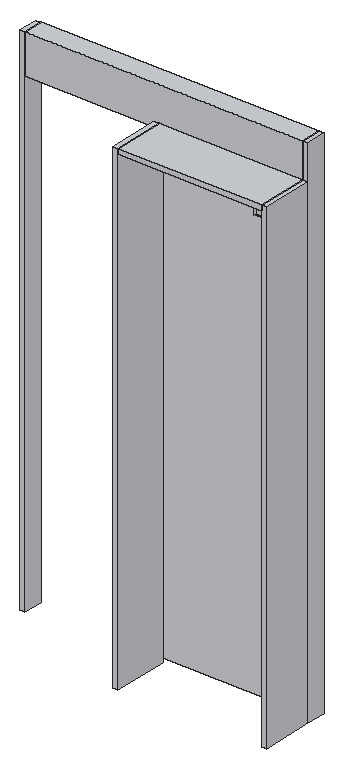
Revit family "Dor_ハンガードア_戸袋なし納まり", category ドア, Revit 2020
Family settings
  ホスト = 壁
  常に垂直 = はい
  ロード時にボイドで切り取り = はい
  共有 = いいえ
  部屋計算ポイント = いいえ
Parameters (values of type "ハンガードア_戸袋なし納まり")
  開口逃げ位置表示 [instance] = no
  金物_施錠方式(外) = ""
  金物_施錠方式(内) = ""
  金物_支持金物 = ""
  金物_操作金物 = ""
  金物_戸当り = ""
  金物_固定金物 = ""
  金物_フランス落し = ""
  金物_クローザー = ""
  逃げ_左 = 60 mm
  逃げ_右 = 60 mm
  解析用性能 = "<なし>"
  符号_建具記号 = ""
  符号_建具番号 = ""
  法_随時閉鎖 = yes
  法_防火性能 = ""
  法_遮煙 = yes
  法_常時閉鎖 = yes
  枠見付上_外側 = 200 mm
  枠見付上_内側 = 25 mm
  有効W = 600 mm
  文字_ガラス厚 = ""
  引き残し = 120 mm
  マテリアル_ハンドル = none
  ドアパネルタイプ = DP_小窓 : 小窓
  スリット/小窓位置：戸先 [instance] = yes
  クリアランス_戸尻枠 = 40 mm
  クリアランス_枠パネル間 = 7 mm
  ガラス厚 = 6 mm
  オフセット_外側 [instance] = 50 mm
  geo_壁厚 [instance] = 150 mm
  開口W = 有効W + 引き残し  # 720 mm
  calc_逃げ位置_左長さ [instance] = if(calc_壁芯_開口間 > 30 mm, 60 mm, 30 mm + calc_壁芯_開口間)  # 60 mm
  calc_逃げ位置 [instance] = if(bWallThicknessOffset, calc_壁芯ずれ, 0 mm)  # 0 mm
  次による断熱プロパティの定義 = スキーマティック タイプ
  文字_額縁材質 = ""
  文字_額縁仕上 = ""
  文字_沓摺材質 = ""
  文字_沓摺仕上 = ""
  文字_枠材質 = ""
  文字_枠仕上 = ""
  文字_建具材質 = ""
  文字_建具仕上 = ""
  文字_取付場所 = ""
  文字_備考 = ""
  文字_パネル厚 = ""
  文字_ガラリ材質 = ""
  文字_ガラリ仕上 = ""
  文字_ガラス材質 = ""
  文字_アンダーカット = ""
  性能_遮音 = ""
  性能_気密 = ""
  形状_沓摺形状 = ""
  形状_枠形状 = ""
  形状_建具形式 = ""
  形状_ガラリ形状 = ""
  calc_戸尻位置 = 有効W + クリアランス_戸尻枠  # 640 mm
  calc_壁芯ずれ [instance] = オフセット_外側 / 2 + オフセット_内側 / 2 + LOCK  # 50 mm
  ラベル_遮煙 = if(法_遮煙, "S", " ")  # "S"
  ラベル_法囲み = if(法_常時閉鎖, "□", if(法_随時閉鎖, "〇", " "))  # "□"
  マテリアル_沓摺 = none
  マテリアル_枠 = none
  マテリアル_パネル = none
  マテリアル_ガラリ = none
  マテリアル_ガラス = ガラス - 透明
  パネル幅2 = 0 mm  # constant formula
  パネル幅1 = 有効W + 引き残し + 30 mm  # 750 mm
  引棒表示 [instance] = yes
  Keynote = ""
  オフセット_内側 [instance] = 50 mm
  calc_壁芯_開口間 [instance] = (枠ちり外 + オフセット_外側 + geo_壁厚 / 2) - パネル厚 - クリアランス_枠パネル間  # 102 mm
  calc_パネル中心_幅 = (パネル幅1 - 開口W) / 2  # 15 mm
  calc_パネル中心_厚 = パネル厚 / 2 + LOCK  # 18 mm
  bWallThicknessOffset = no
  W寸法 = 有効W * 2 + 引き残し + 30 mm + クリアランス_戸尻枠  # 1390 mm
  LOCK = 0 mm  # constant formula
  Function = (empty or 0)
  Description = ""
  Rough Width = 0 mm
  高さ = H寸法 + LOCK  # 2400 mm
  枠見付 = 25 mm
  枠ちり外 = 20 mm
  枠ちり内 = 10 mm
  引手_高さ = 900 mm
  引手_オフセット = 80 mm
  戸当見込 = 50 mm
  戸当見付 = 15 mm
  Construction Type = ""
  Wall Closure = (empty or 0)
  幅 = W寸法 + LOCK  # 1390 mm
  Rough Height = 0 mm
  パネル高 = 高さ - アンダーカット  # 2385 mm
  パネル幅 = パネル幅1 + LOCK  # 750 mm
  パネル厚 = 36 mm
  アンダーカット = 15 mm
  H寸法 = 2400 mm
Reference planes
  plane 1: y = 0
  plane 2 "中心(左/右)": x = 0
  plane 3 "EXT.": y = 75
  plane 4 "内壁": y = -75
  plane 5 "左": x = -360
  plane 6 "右": x = 360
  plane 7 "上側": z = 2400
  plane 8: z = 0
  plane 9 "枠ちり外": y = 145
  plane 10 "枠外側左": x = -385
  plane 11 "枠外側右": x = 385
  plane 12 "枠見付_上": z = 2600
  plane 13 "パネル内側": y = 152
  plane 14: z = 15
  plane 15: y = -125
  plane 16 "枠ちり内": y = -135
  plane 17 "パネル中心": y = 170
  plane 18: y = 65
  plane 19: x = -390
  plane 20: x = 390
  plane 21: y = 65
  plane 22: y = -130
  plane 23 "壁芯": y = -50
  plane 24: z = 900
  plane 25: x = -990
  plane 26: x = -1030
  plane 27: x = -1055
  plane 28 "枠見付上_内": z = 2425
  plane 29 "パネル幅中心": x = -15
  plane 30 "引手位置": x = 280
  plane 31 "沓摺中心": x = -335
  plane 32: y = 65
  plane 33 "高さ中心": z = 1200
  plane 34: z = 2427
  plane 35 "マスク位置": z = 500
  plane 36 "オフセット外側": y = 125
  plane 37 "逃げ位置": y = 0
  plane 38: x = -390
  plane 39 "枠外側": y = 220
  plane 40 "パネル外側": y = 188
  plane 41: z = 2410
  plane 42 "引残し": x = -240
Forms (mm)
  Extrusion 1, void
    sketch origin (0, 0, 0) x (1, 0, 0) y (0, 1, 0)
      loop
        line (-385, -125) -> (385, -125) -> (385, 145) -> (-385, 145) -> (-385, -125)
    from 0 to 2425
  Extrusion 2, solid, material <- "マテリアル_枠"
    sketch origin (0, 0, 0) x (1, 0, 0) y (0, 1, 0)
      loop
        line (360, 125) -> (385, 125) -> (385, 220) -> (360, 220) -> (360, 125)
      loop
        line (-1055, 125) -> (-1030, 125) -> (-1030, 220) -> (-1055, 220) -> (-1055, 125)
    from 0 to 2600
  Extrusion 3, solid, material <- "マテリアル_枠"
    sketch origin (0, 0, 0) x (1, 0, 0) y (0, 1, 0)
      loop
        line (-1030, 125) -> (360, 125) -> (360, 220) -> (-1030, 220) -> (-1030, 125)
    from 2400 to 2600
  Extrusion 4, solid, material <- "マテリアル_枠"
    sketch origin (0, 0, 0) x (1, 0, 0) y (0, 1, 0)
      loop
        line (-360, -135) -> (360, -135) -> (360, 145) -> (-360, 145) -> (-360, -135)
    from 2400 to 2425
  Extrusion 5, solid, material <- "マテリアル_枠"
    sketch origin (0, 0, 0) x (1, 0, 0) y (0, 1, 0)
      loop
        line (-385, -135) -> (-360, -135) -> (-360, 145) -> (-385, 145) -> (-385, -135)
      loop
        line (360, -135) -> (385, -135) -> (385, 125) -> (360, 125) -> (360, -135)
    from 0 to 2425
Cuts and joins
  joined: Extrusion 3, Extrusion 4
Lines and regions (mm)
  Masking region 1
    outline origin (0, 0, 0) x (0, 1, 0) y (0, 0, 1)
      loop
        line (152, 2410) -> (152, 15) -> (188, 15) -> (188, 2410) -> (152, 2410)
  Masking region 2
    outline origin (0, 0, 0) x (0, 1, 0) y (0, 0, 1)
      loop
        line (145, 2425) -> (120, 2425) -> (120, 2427) -> (-110, 2427) -> (-110, 2425) -> (-135, 2425) -> (-135, 2400) -> (145, 2400) -> (145, 2425)
  Masking region 3, detail levels medium+fine
    outline origin (0, 0, 0) x (1, 0, 0) y (0, 1, 0)
      loop
        line (-385, -135) -> (-360, -135) -> (-360, 145) -> (-390, 145) -> (-390, 125) -> (-385, 125) -> (-385, -135)
      loop
        line (385, -135) -> (385, 220) -> (360, 220) -> (360, -135) -> (385, -135)
      loop
        line (-1055, 125) -> (-1030, 125) -> (-1030, 220) -> (-1055, 220) -> (-1055, 125)
  Masking region 4, detail levels coarse
    outline origin (0, 0, 0) x (1, 0, 0) y (0, 1, 0)
      loop
        line (-360, -130) -> (360, -130) -> (360, -125) -> (360, 125) -> (360, 130) -> (-360, 130) -> (-360, 125) -> (-360, -125) -> (-360, -130)
  Masking region 5, detail levels coarse
    outline origin (0, 0, 0) x (1, 0, 0) y (0, 1, 0)
      loop
        line (-390, 125) -> (-390, -125) -> (-360, -125) -> (-360, 125) -> (-390, 125)
      loop
        line (390, 125) -> (360, 125) -> (360, -125) -> (390, -125) -> (390, 125)
  symbolic lines
    curve 1: line (0, 270, 0) -> (0, -185, 0)
  symbolic lines, style "DoorsFrameMullionProjection"
    curve 2: line (0, 75, 2600) -> (0, 220, 2600)
    curve 3: line (0, 220, 2600) -> (0, 220, 2400)
    curve 4: line (0, 220, 2400) -> (0, 205, 2400)
    curve 5: line (0, 205, 2400) -> (0, 205, 2410)
Text (mm)
  text "EXT." at (-2295.016, 1099.543, 0), in view "基準レベル"
  text "外部" at (0, 1615.38, 3698.081), in view "左"
  text "外部" at (0, 1036.032, 3874.932), in view "右"
  text "内部" at (0, -1175.082, 3874.932), in view "右"
  text "内部" at (-2295.016, -1087.353, 0), in view "基準レベル"
Dimensions and locks
  equal spacing: plane 5 "左", plane 2 "中心(左/右)", plane 6 "右"
  locked: plane 3 "EXT." to host wall
  locked: plane 4 "内壁" to host wall
  "開口W": plane 5 "左" to plane 6 "右"
  "H寸法": plane 8 to plane 7 "上側"
  "枠ちり内": plane 15 to plane 16 "枠ちり内"
  "オフセット_内側": plane 15 to plane 4 "内壁"
  "アンダーカット": plane 14 to plane 8
  locked: plane 3 "EXT." to plane 18 at 10
  locked: plane 16 "枠ちり内" to curve 1 at 50
  locked: plane 19 to plane 10 "枠外側左" at 5
  locked: plane 11 "枠外側右" to plane 20 at 5
  locked: plane 21 to plane 3 "EXT." at 10
  locked: plane 15 to plane 22 at 5
  "calc_壁芯ずれ": plane 23 "壁芯" to plane 1
  "引手_高さ": plane 24 to level
  "枠見付": plane 6 "右" to plane 11 "枠外側右"
  "枠見付": plane 10 "枠外側左" to plane 5 "左"
  plane 7 "上側" to plane 12 "枠見付_上" = 200 mm
  "クリアランス_戸尻枠": plane 26 to plane 25
  "枠見付": plane 27 to plane 26
  "枠見付上_外側": plane 12 "枠見付_上" to plane 7 "上側"
  "枠見付上_内側": plane 28 "枠見付上_内" to plane 7 "上側"
  "calc_パネル中心_幅": plane 29 "パネル幅中心" to plane 2 "中心(左/右)"
  equal spacing: plane 26, plane 31 "沓摺中心", plane 6 "右"
  "引手_オフセット": plane 30 "引手位置" to plane 6 "右"
  plane 32 to plane 3 "EXT." = 10 mm
  equal spacing: plane 8, plane 33 "高さ中心", plane 7 "上側"
  locked: plane 28 "枠見付上_内" to plane 34 at 2
  locked: level to plane 35 "マスク位置" at 500
  "オフセット_外側": plane 3 "EXT." to plane 36 "オフセット外側"
  "枠ちり外": plane 9 "枠ちり外" to plane 36 "オフセット外側"
  locked: Masking region 2 sketch curve to plane 16 "枠ちり内" at 25
  locked: Masking region 4 sketch curve to plane 36 "オフセット外側" at 5
  "calc_逃げ位置": plane 37 "逃げ位置" to plane 1
  "geo_壁厚": host wall to host wall
  "W寸法": plane 26 to plane 6 "右"
  locked: plane 38 to plane 5 "左" at 30
  plane 40 "パネル外側" to plane 39 "枠外側" = 32 mm
  "パネル厚": plane 40 "パネル外側" to plane 13 "パネル内側"
  equal spacing: plane 40 "パネル外側", plane 17 "パネル中心", plane 13 "パネル内側"
  "クリアランス_枠パネル間": plane 13 "パネル内側" to plane 9 "枠ちり外"
  locked: curve 1 to plane 39 "枠外側" at 50
  plane 9 "枠ちり外" to Masking region 2 sketch curve = 25 mm
  locked: plane 39 "枠外側" to curve 5 at 15
  plane 7 "上側" to plane 41 = 10 mm
  "引き残し": plane 5 "左" to plane 42 "引残し"
  aligned and locked: plane 1 to host wall
  aligned and locked: level to plane 8
  aligned and locked: Extrusion 1 to plane 15
  aligned and locked: plane 5 "左" to Masking region 4 sketch curve
  aligned and locked: Masking region 4 sketch curve to plane 6 "右"
  aligned and locked: Masking region 5 sketch curve to plane 19
  aligned and locked: Masking region 4 to Masking region 5 sketch curve
  aligned and locked: plane 6 "右" to Masking region 5 sketch curve
  aligned and locked: Masking region 5 sketch curve to plane 20
  aligned and locked: plane 15 to Masking region 5 sketch curve
  aligned and locked: Masking region 5 sketch curve to plane 15
  aligned and locked: Masking region 4 sketch curve to plane 22
  aligned and locked: plane 6 "右" to Masking region 3 sketch curve
  aligned and locked: plane 5 "左" to Masking region 3 sketch curve
  aligned and locked: nested 1 to plane 17 "パネル中心"
  aligned and locked: Masking region 3 sketch curve to plane 27
  aligned and locked: plane 26 to Masking region 3 sketch curve
  aligned and locked: Masking region 3 to Extrusion 2 sketch curve  (x2)
  aligned and locked: Extrusion 2 sketch curve to Masking region 3  (x4)
  aligned and locked: Extrusion 2 to plane 12 "枠見付_上"
  aligned and locked: Masking region 3 to Extrusion 3 sketch curve
  aligned and locked: Extrusion 3 sketch curve to plane 26
  aligned and locked: Extrusion 3 sketch curve to plane 6 "右"
  aligned and locked: Extrusion 4 sketch curve to plane 16 "枠ちり内"
  aligned and locked: plane 5 "左" to Extrusion 4 sketch curve
  aligned and locked: Extrusion 4 sketch curve to plane 6 "右"
  aligned and locked: Extrusion 3 to plane 12 "枠見付_上"
  aligned and locked: plane 7 "上側" to Extrusion 3
  aligned and locked: Extrusion 1 to plane 28 "枠見付上_内"
  aligned and locked: Extrusion 5 sketch curve to plane 16 "枠ちり内"  (x2)
  aligned and locked: Extrusion 5 sketch curve to plane 5 "左"
  aligned and locked: Extrusion 5 sketch curve to plane 10 "枠外側左"
  aligned and locked: plane 6 "右" to Extrusion 5 sketch curve
  aligned and locked: Extrusion 5 sketch curve to plane 11 "枠外側右"
  aligned and locked: Extrusion 5 to plane 28 "枠見付上_内"
  aligned and locked: plane 29 "パネル幅中心" to nested 1
  aligned and locked: plane 2 "中心(左/右)" to nested 3
  aligned and locked: plane 33 "高さ中心" to nested 3
  aligned and locked: plane 16 "枠ちり内" to Masking region 2 sketch curve
  aligned and locked: plane 7 "上側" to Masking region 2 sketch curve
  aligned and locked: nested 2 to plane 17 "パネル中心"
  aligned and locked: plane 2 "中心(左/右)" to nested 4
  aligned and locked: plane 36 "オフセット外側" to Masking region 5 sketch curve
  aligned and locked: plane 36 "オフセット外側" to Masking region 4 sketch curve  (x2)
  aligned and locked: plane 15 to Masking region 4 sketch curve  (x2)
  aligned and locked: nested 4 to plane 37 "逃げ位置"
  aligned and locked: plane 30 "引手位置" to nested 5
  aligned and locked: nested 5 to plane 17 "パネル中心"
  aligned and locked: Masking region 2 sketch curve to plane 28 "枠見付上_内"
  aligned and locked: plane 29 "パネル幅中心" to nested 2
  aligned and locked: Masking region 3 sketch curve to plane 9 "枠ちり外"
  aligned and locked: Masking region 3 sketch curve to plane 36 "オフセット外側"  (x2)
  aligned and locked: Masking region 5 sketch curve to plane 36 "オフセット外側"
  aligned and locked: plane 38 to Masking region 3 sketch curve
  aligned and locked: plane 9 "枠ちり外" to Extrusion 5 sketch curve
  aligned and locked: plane 39 "枠外側" to Masking region 3 sketch curve
  aligned and locked: plane 39 "枠外側" to Extrusion 2 sketch curve
  aligned and locked: plane 39 "枠外側" to Extrusion 3 sketch curve
  aligned and locked: Masking region 1 sketch curve to plane 40 "パネル外側"
  aligned and locked: Masking region 1 sketch curve to plane 13 "パネル内側"
  aligned and locked: plane 28 "枠見付上_内" to Masking region 2 sketch curve
  aligned and locked: plane 41 to curve 5
  aligned and locked: plane 41 to Masking region 1 sketch curve
  aligned and locked: Extrusion 4 to plane 28 "枠見付上_内"
  aligned and locked: plane 7 "上側" to Extrusion 4
Automatic sketch dimensions
  Extrusion 1 sketch curve to plane 10 "枠外側左" = 0 mm
  Extrusion 1 sketch curve to plane 11 "枠外側右" = 0 mm
  Extrusion 1 sketch curve to plane 15 = 0 mm
  Masking region 1 sketch curve to plane 14 = 0 mm
  Masking region 3 sketch curve to plane 10 "枠外側左" = 0 mm
  Masking region 3 sketch curve to plane 11 "枠外側右" = 0 mm
  Masking region 3 sketch curve to plane 16 "枠ちり内" = 0 mm  (x2)
  Extrusion 5 sketch curve to plane 36 "オフセット外側" = 0 mm
  Extrusion 2 sketch curve to plane 36 "オフセット外側" = 0 mm
  Extrusion 1 sketch curve to plane 13 "パネル内側" = 7 mm
  Extrusion 4 sketch curve to plane 13 "パネル内側" = 7 mm
  Masking region 3 sketch curve to plane 39 "枠外側" = 0 mm
  curve 1 to plane 2 "中心(左/右)" = 0 mm
  plane 34 to Masking region 2 sketch curve = 0 mm
  Masking region 2 sketch curve to plane 9 "枠ちり外" = 0 mm
  curve 2 to host wall = 0 mm
  plane 7 "上側" to curve 5 = 0 mm
  curve 4 to plane 39 "枠外側" = 0 mm
  curve 3 to plane 12 "枠見付_上" = 0 mm
Nested families
  nested 1: "平面_引き戸" at (-15, 170, 0), type "平面_引き戸"
    with 幅 750 mm, パネル幅 750 mm, パネル厚 36 mm
  nested 2: "DP_小窓" at (-15, 170, 0), マテリアル_パネル <- "マテリアル_パネル", 幅 <- "パネル幅1", 高さ <- "パネル高", Thickness <- "パネル厚", type <- "ドアパネルタイプ", アンダーカット <- "アンダーカット", マテリアル_ガラス <- "マテリアル_ガラス", マテリアル_ガラリ <- "マテリアル_ガラリ", スリット/小窓位置：戸先 <- "スリット/小窓位置：戸先", ガラス厚 <- "ガラス厚", type "小窓"
    with 高さ 2385 mm, 幅 750 mm, built-in parameter 1001302 36 mm, マテリアル_パネル none, マテリアル_ガラリ none, マテリアル_ガラス ガラス - 透明, スリット/小窓位置：戸先 yes, スリット/小窓位置：中央 no, ガラス厚 6 mm, アンダーカット 15 mm, calc_窓腰高 2160 mm, calc_窓位置_戸尻 480 mm, calc_窓位置_戸先 150 mm
  nested 3: "立面_スイング_引き戸" at (0, 75, 1200) x (1, 0, 0) z (0, -1, 0), type "立面_スイング_引き戸"
    with 幅 250 mm
  nested 4: "平面_逃げ位置_片引き" at (0, 0, 0), visible <- "開口逃げ位置表示", 幅 <- "開口W", 逃げ_右 <- "逃げ_右", 逃げ_左 <- "逃げ_左", 長さ_左 <- "calc_逃げ位置_左長さ", type "平面_逃げ位置_片引き"
    with 長さ_左 60 mm, 逃げ_左 60 mm, 逃げ_右 60 mm, 幅 720 mm
  nested 5: "Ha_引棒" at (280, 170, 900), built-in parameter 1001364 <- "引手_高さ", visible <- "引棒表示", type "Ha_引棒"
Definition of nested family "DP_小窓"
  Parameters (values of type "小窓")
    Height [instance] = 2000 mm
    Analytic Construction = "<なし>"
    窓位置_戸先寄り = 150 mm
    Define Thermal Properties by = 1
    Thickness [instance] = 40 mm
    窓H = 120 mm
    窓位置_上 = 120 mm
    マテリアル_パネル [instance] = none
    マテリアル_ガラリ [instance] = none
    マテリアル_ガラス [instance] = none
    スリット/小窓位置：戸先 [instance] = yes
    スリット/小窓位置：中央 [instance] = not([スリット/小窓位置：戸先])  # no
    アンダーカット [instance] = 5 mm
    calc_窓位置_戸先 [instance] = if([スリット/小窓位置：戸先], 窓位置_戸先寄り, (Width - 窓W) / 2)  # 150 mm
    Width [instance] = 800 mm
    calc_窓位置_戸尻 [instance] = if([スリット/小窓位置：戸先], Width - 窓W - 窓位置_戸先寄り, if([スリット/小窓位置：中央], calc_窓位置_戸先, 窓位置_戸先寄り))  # 530 mm
    窓W = 120 mm
    ガラス厚 [instance] = 6 mm
    calc_窓腰高 [instance] = (Height + アンダーカット) - 窓位置_上 - 窓H  # 1765 mm
  Reference planes
    plane 1 "中心(正面/背面)": y = 0
    plane 2 "下": z = 0
    plane 3 "中心(左/右)": x = 0
    plane 4 "右": x = 400
    plane 5 "左": x = -400
    plane 6 "前面": y = 20
    plane 7 "背面": y = -20
    plane 8 "上": z = 2005
    plane 9 "戸先": x = 250
    plane 10 "ガラス下": z = 1765
    plane 11 "ガラス上": z = 1885
    plane 12 "ガラス幅": x = 130
    plane 13 "ガラス芯": x = 190
    plane 14: z = 5
  Forms (mm)
    Extrusion 1, solid, material <- "マテリアル_パネル"
      sketch origin (0, 0, 0) x (1, 0, 0) y (0, 0, 1)
        loop
          line (-400, 2005) -> (-400, 5) -> (400, 5) -> (400, 2005) -> (-400, 2005)
        loop
          line (130, 1885) -> (130, 1765) -> (250, 1765) -> (250, 1885) -> (130, 1885)
      from -20 to 20
  Dimensions and locks
    equal spacing: plane 5 "左", plane 3 "中心(左/右)", plane 4 "右"
    "Width": plane 5 "左" to plane 4 "右"
    equal spacing: plane 6 "前面", plane 1 "中心(正面/背面)", plane 7 "背面"
    "Thickness": plane 6 "前面" to plane 7 "背面"
    "calc_窓位置_戸先": plane 4 "右" to plane 9 "戸先"
    "窓位置_上": plane 8 "上" to plane 11 "ガラス上"
    "窓H": plane 11 "ガラス上" to plane 10 "ガラス下"
    "窓W": plane 9 "戸先" to plane 12 "ガラス幅"
    equal spacing: plane 12 "ガラス幅", plane 13 "ガラス芯", plane 9 "戸先"
    "アンダーカット": plane 14 to plane 2 "下"
    "Height": plane 8 "上" to plane 14
    aligned and locked: level to plane 2 "下"
    aligned and locked: Extrusion 1 sketch curve to plane 8 "上"
    aligned and locked: plane 5 "左" to Extrusion 1 sketch curve
    aligned and locked: Extrusion 1 sketch curve to plane 4 "右"
    aligned and locked: plane 6 "前面" to Extrusion 1
    aligned and locked: Extrusion 1 to plane 7 "背面"
    aligned and locked: plane 11 "ガラス上" to Extrusion 1 sketch curve
    aligned and locked: plane 12 "ガラス幅" to Extrusion 1 sketch curve
    aligned and locked: Extrusion 1 sketch curve to plane 10 "ガラス下"
    aligned and locked: Extrusion 1 sketch curve to plane 9 "戸先"
    aligned and locked: nested 1 to plane 1 "中心(正面/背面)"
    aligned and locked: plane 13 "ガラス芯" to nested 1
    aligned and locked: plane 14 to Extrusion 1 sketch curve
  Nested families
    nested 1: "DPw_ガラス" at (190, 15, 1765), Width <- "窓W", Height <- "窓H", Thickness <- "ガラス厚", built-in parameter 1001364 <- "calc_窓腰高", マテリアル_ガラス <- "マテリアル_ガラス", type "ガラス"
      with Height 120 mm, Width 120 mm, Thickness 6 mm, マテリアル_ガラス none
  Definition of nested family "DPw_ガラス"
    Parameters (values of type "DPw_ガラス")
      Define Thermal Properties by = 1
      Visual Light Transmittance = 0.9
      Solar Heat Gain Coefficient = 0.78
      Height [instance] = 1000 mm
      Heat Transfer Coefficient (U) = 3.6886 W/(m²·K)
      Width [instance] = 800 mm
      Analytic Construction = "1/8 インチ ピルキントン一重ガラス"
      Thickness [instance] = 6 mm
      マテリアル_ガラス [instance] = none
    Reference planes
      plane 1 "中心(正面/背面)": y = -15
      plane 2 "下": z = 0
      plane 3 "中心(左/右)": x = 0
      plane 4 "左": x = -400
      plane 5 "右": x = 400
      plane 6 "上": z = 1000
      plane 7: y = -12
      plane 8: y = -18
      plane 9: z = 500
    Forms (mm)
      Extrusion 1, solid, material <- "マテリアル_ガラス"
        sketch origin (0, -15, 0) x (1, 0, 0) y (0, 0, 1)
          loop
            line (-400, 0) -> (400, 0) -> (400, 1000) -> (-400, 1000) -> (-400, 0)
        from -3 to 3
    Lines and regions (mm)
      symbolic lines, detail levels medium+fine
        curve 1: line (400, -15, 0) -> (-400, -15, 0)
      symbolic lines, detail levels fine
        curve 2: line (0, -15, 1000) -> (0, -15, 0)
    Dimensions and locks
      equal spacing: plane 4 "左", plane 3 "中心(左/右)", plane 5 "右"
      "Width": plane 4 "左" to plane 5 "右"
      "Height": plane 6 "上" to plane 2 "下"
      equal spacing: plane 6 "上", plane 9, plane 2 "下"
      "Thickness": plane 8 to plane 7
      equal spacing: plane 8, plane 1 "中心(正面/背面)", plane 7
      plane 2 "下" to level = 0 mm
      aligned and locked: plane 5 "右" to Extrusion 1
      aligned and locked: Extrusion 1 to plane 4 "左"
      aligned and locked: Extrusion 1 to plane 7
      aligned and locked: plane 8 to Extrusion 1
      aligned and locked: curve 1 to plane 1 "中心(正面/背面)"
      aligned and locked: plane 4 "左" to curve 1
      aligned and locked: Extrusion 1 to curve 1
      aligned and locked: plane 6 "上" to Extrusion 1
      aligned and locked: plane 2 "下" to curve 2
      aligned and locked: plane 6 "上" to curve 2
      aligned and locked: Extrusion 1 to plane 2 "下"
    Automatic sketch dimensions
      Extrusion 1 sketch curve to plane 4 "左" = 0 mm
      Extrusion 1 sketch curve to plane 5 "右" = 0 mm
      level to Extrusion 1 sketch curve = 0 mm
      Extrusion 1 sketch curve to plane 6 "上" = 0 mm
      curve 2 to plane 1 "中心(正面/背面)" = 0 mm
Definition of nested family "Ha_引棒"
  Parameters (values of type "Ha_引棒")
    Height = 425 mm
    Analytic Construction = "<なし>"
    Define Thermal Properties by = 1
    Default Elevation = 0 mm
    パネル厚 = 36 mm
    ハンドル材質 = none
  Reference planes
    plane 1 "中心(正面/背面)": y = 0
    plane 2: z = 0
    plane 3 "中心(左/右)": x = 0
    plane 4: y = 18
    plane 5: y = -18
    plane 6: z = 212.5
    plane 7: z = -212.5
    plane 8: y = -78
    plane 9: y = 78
  Forms (mm)
    Sweep 1, solid, material <- "ハンドル材質"
      path origin (0, 0, 0) x (0, 1, 0) y (0, 0, 1)
        loop
          line (-18, 212.5) -> (-48, 212.5)
          arc (-48, 212.5) -> (-69.213, 203.713) -> (-78, 182.5) r 30
          line (-78, 182.5) -> (-78, -182.5)
          arc (-78, -182.5) -> (-69.213, -203.713) -> (-48, -212.5) r 30
          line (-48, -212.5) -> (-18, -212.5)
      profile origin (0, -33, 212.5) x (0, 0, -1) y (1, 0, 0)
        loop
          circle (0, 0) r 13.5
    Sweep 2, solid, material <- "ハンドル材質"
      path origin (0, 0, 0) x (0, -1, 0) y (0, 0, 1)
        loop
          line (-18, 212.5) -> (-48, 212.5)
          arc (-48, 212.5) -> (-69.213, 203.713) -> (-78, 182.5) r 30
          line (-78, 182.5) -> (-78, -182.5)
          arc (-78, -182.5) -> (-69.213, -203.713) -> (-48, -212.5) r 30
          line (-48, -212.5) -> (-18, -212.5)
      profile origin (0, 33, 212.5) x (0, 0, 1) y (1, 0, 0)
        loop
          circle (0, 0) r 13.5
  Lines and regions (mm)
    Masking region 1
      outline origin (0, 0, 0) x (1, 0, 0) y (0, 0, 1)
        loop
          line (-13.5, 212.5) -> (-13.5, -212.5)
          arc (-13.5, -212.5) -> (0, -226) -> (13.5, -212.5) r 13.5
          line (13.5, -212.5) -> (13.5, 212.5)
          arc (13.5, 212.5) -> (0, 226) -> (-13.5, 212.5) r 13.5
  Dimensions and locks
    "パネル厚": plane 4 to plane 5
    equal spacing: plane 4, plane 1 "中心(正面/背面)", plane 5
    equal spacing: plane 6, plane 2, plane 7
    "Height": plane 6 to plane 7
    plane 9 to plane 4 = 60 mm
    plane 8 to plane 5 = 60 mm
    aligned and locked: level to plane 2
    aligned and locked: plane 5 to Sweep 1 sketch curve  (x2)
    aligned and locked: Sweep 1 sketch curve to plane 8
    aligned and locked: plane 9 to Sweep 2 sketch curve
    aligned and locked: Sweep 2 sketch curve to plane 7
    aligned and locked: plane 6 to Sweep 2 sketch curve
    aligned and locked: plane 4 to Sweep 2 sketch curve  (x2)
    aligned and locked: plane 6 to Masking region 1 sketch curve  (x2)
    aligned and locked: plane 7 to Masking region 1 sketch curve  (x2)
  Automatic sketch dimensions
    Sweep 1 sketch curve to plane 7 = 0 mm
    Sweep 1 sketch curve to plane 6 = 0 mm
    Sweep 1 sketch curve to plane 5 = 30 mm  (x2)
    Sweep 1 sketch curve to plane 3 "中心(左/右)" = 0 mm
    Sweep 1 sketch curve to profile plane = 0 mm
    Sweep 2 sketch curve to Sweep 2 sketch curve = 30 mm  (x2)
    Sweep 2 sketch curve to plane 3 "中心(左/右)" = 0 mm
    Sweep 2 sketch curve to profile plane = 0 mm
    Masking region 1 sketch curve to plane 3 "中心(左/右)" = 0 mm
    Masking region 1 sketch curve to plane 3 "中心(左/右)" = 13.5 mm
    radius of Sweep 1 sketch curve = 13.5 mm
    radius of Sweep 2 sketch curve = 13.5 mm
Definition of nested family "平面_引き戸"
  Parameters (values of type "平面_引き戸")
    引き残し = 120 mm
    幅 = 825 mm
    パネル幅 = 幅  # 825 mm
    パネル厚 = 45 mm
  Reference planes
    plane 1 "中心(正面/背面)": y = 0
    plane 2: z = 0
    plane 3 "中心(左/右)": x = 0
    plane 4: x = -412.5
    plane 5: x = 412.5
    plane 6 "内側": y = -22.5
    plane 7 "外側": y = 22.5
    plane 8: x = -292.5
    plane 9: x = -1117.5
  Lines and regions (mm)
    Masking region 1, in view "基準レベル", detail levels medium+fine
      outline origin (0, 0, 0) x (1, 0, 0) y (0, 1, 0)
        loop
          line (-412.5, -22.5) -> (412.5, -22.5) -> (412.5, 22.5) -> (-412.5, 22.5) -> (-412.5, -22.5)
    detail lines, in view "基準レベル", detail levels medium+fine
      curve 1: line (-412.5, -22.5, 0) -> (-1117.5, -22.5, 0)
      curve 2: line (-1117.5, -22.5, 0) -> (-1117.5, 22.5, 0)
      curve 3: line (-1117.5, 22.5, 0) -> (-412.5, 22.5, 0)
    detail lines, in view "基準レベル", detail levels coarse
      curve 4: line (412.5, 0, 0) -> (-412.5, 0, 0)
      curve 5: line (-1117.5, 0, 0) -> (-412.5, 0, 0)
  Dimensions and locks
    equal spacing: plane 4, plane 3 "中心(左/右)", plane 5
    "幅": plane 4 to plane 5
    "パネル厚": plane 7 "外側" to plane 6 "内側"
    equal spacing: plane 7 "外側", plane 1 "中心(正面/背面)", plane 6 "内側"
    "引き残し": plane 4 to plane 8
    "幅": plane 9 to plane 8
    aligned and locked: Masking region 1 sketch curve to plane 6 "内側"
    aligned and locked: Masking region 1 sketch curve to plane 4
    aligned and locked: plane 5 to Masking region 1 sketch curve
    aligned and locked: plane 7 "外側" to Masking region 1 sketch curve
    aligned and locked: plane 5 to curve 4
    aligned and locked: curve 3 to plane 7 "外側"
    aligned and locked: plane 9 to curve 2
    aligned and locked: Masking region 1 to plane 4
    aligned and locked: plane 6 "内側" to curve 1
    aligned and locked: Masking region 1 to plane 6 "内側"
    aligned and locked: plane 5 to Masking region 1
    aligned and locked: plane 4 to curve 4
    aligned and locked: plane 9 to curve 5
    aligned and locked: plane 1 "中心(正面/背面)" to curve 5
    aligned and locked: curve 4 to plane 1 "中心(正面/背面)"
  Automatic sketch dimensions
    curve 3 to plane 4 = 0 mm
    curve 1 to plane 4 = 0 mm
Definition of nested family "立面_スイング_引き戸"
  Parameters (values of type "立面_スイング_引き戸")
    幅 [instance] = 250 mm
  Reference planes
    plane 1 "中心(正面/背面)": y = 0
    plane 2: z = 0
    plane 3 "中心(左/右)": x = 0
    plane 4: x = -125
    plane 5: x = 125
  Lines and regions (mm)
    detail lines, in view "基準レベル"
      curve 1: line (125, 0, 0) -> (-125, 0, 0)
      curve 2: line (-125, 0, 0) -> (-55.718, 40, 0)
  Dimensions and locks
    equal spacing: plane 4, plane 3 "中心(左/右)", plane 5
    "幅": plane 4 to plane 5
    angle curve 1 to curve 2 = 30.00°
    aligned and locked: plane 4 to curve 1
    aligned and locked: plane 5 to curve 1
  Automatic sketch dimensions
    plane 1 "中心(正面/背面)" to curve 1 = 0 mm
Definition of nested family "平面_逃げ位置_片引き"
  Parameters (values of type "平面_逃げ位置_片引き")
    長さ_左 [instance] = 50 mm
    長さ_右 = 60 mm
    逃げ_左 [instance] = 40 mm
    逃げ_右 [instance] = 40 mm
    幅 [instance] = 1000 mm
  Reference planes
    plane 1 "中心(正面/背面)": y = 0
    plane 2: z = 0
    plane 3 "中心(左/右)": x = 0
    plane 4: x = -500
    plane 5: x = 500
    plane 6: x = 540
    plane 7: x = -540
    plane 8: y = -30
    plane 9: y = 30
    plane 10 "オフセット": y = 20
  Lines and regions (mm)
    detail lines, in view "基準レベル"
      curve 1: line (-540, 20, 0) -> (-540, -30, 0)
      curve 2: line (540, 30, 0) -> (540, -30, 0)
  Dimensions and locks
    equal spacing: plane 4, plane 3 "中心(左/右)", plane 5
    "幅": plane 4 to plane 5
    "長さ_右": plane 9 to plane 8
    equal spacing: plane 9, plane 1 "中心(正面/背面)", plane 8
    "逃げ_左": plane 7 to plane 4
    "逃げ_右": plane 5 to plane 6
    "長さ_左": plane 10 "オフセット" to plane 8
    aligned and locked: curve 1 to plane 7
    aligned and locked: plane 6 to curve 2
    aligned and locked: plane 9 to curve 2
    aligned and locked: plane 10 "オフセット" to curve 1
  Automatic sketch dimensions
    curve 1 to plane 8 = 0 mm
    curve 2 to plane 8 = 0 mm
